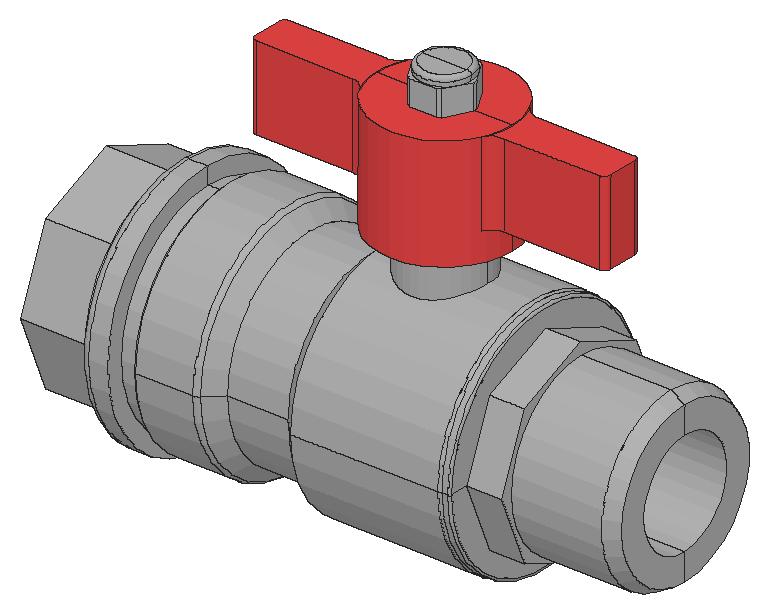
Revit family "QD39550000", category Apparecchi idraulici, Revit 2016
Family settings
  Tipo di parte = Normale
  Quota connettore circolare = Usa diametro
  Numero OmniClass = 23.45.00.00
  Titolo OmniClass = Sanitary, Laundry, and Cleaning Equipment
  Basato su piano di lavoro = No
  Sempre verticale = Sì
  Taglio con vuoti quando caricato = No
  Condiviso = No
  Punto di calcolo locali = No
Parameters
  URL = "https://web.cimberio.it/index.php/figura/455?subcategoria_id=43550"
  Produttore = "CIMBERIO SPA"
  Modello = "Cim 382"
  DN Model [instance] = QD39553183 : QD39553183
  DN [instance] = 25 mm
Reference planes
  plane 1 "Centro (Fronte/Retro)": y = 0
  plane 2: z = 0
  plane 3 "Centro (Sinistra/Destra)": x = 0
Dimensions and locks
  aligned and locked: level to plane 2
Nested families
  nested 1: "QD39553183" at (0, 0, 0), type <- "DN Model", type "QD39553183"
    with DN 10 mm
  nested 2: "QD39553183" at (0, 0, 0), type <- "DN Model", type "QD39553183"
    with DN 10 mm
  nested 3: "QD39553183" at (0, 0, 0), type <- "DN Model", type "QD39553183"
    with DN 10 mm
  nested 4: "QD39553183" at (0, 0, 0), type <- "DN Model", type "QD39553183"
    with DN 10 mm
  nested 5: "QD39553183" at (0, 0, 0), type <- "DN Model", type "QD39553183"
    with DN 10 mm
  nested 6: "QD39553183" at (0, 0, 0), type <- "DN Model", type "QD39553183"
    with DN 10 mm
  nested 7: "QD39553183" at (0, 0, 0), type <- "DN Model", type "QD39553183"
    with DN 10 mm
  nested 8: "QD39553183" at (0, 0, 0), type <- "DN Model", type "QD39553183"
    with DN 10 mm
  nested 9: "QD39553183" at (0, 0, 0), type <- "DN Model", type "QD39553183"
    with DN 10 mm
Connectors
  piping at (57.35, 0, 0), diameter 25, driven by "DN"
    settings: on nested 1, index 1, connector inside diameter 609.6 mm, connector length 0 mm, flow factor 0, pipe flow 0.0 L/s, pressure drop 0.0 Pa, fitting loss kfactor 0, connector angle 0.00°, fixture units 0, engagement length 0 mm, angle of deflection 0.00°, flow configuration 0, flow direction 0, fitting loss method 0, system type 7, joint type 0, gender type 0, connector reference index -1, connector utility 0, adjustable connector no, is connector primary yes, connector description ""
  piping at (-80.817, 0, 0), diameter 25, driven by "DN"
    settings: on nested 1, index 2, connector inside diameter 609.6 mm, connector length 0 mm, flow factor 0, pipe flow 0.0 L/s, pressure drop 0.0 Pa, fitting loss kfactor 0, connector angle 0.00°, fixture units 0, engagement length 0 mm, angle of deflection 0.00°, flow configuration 0, flow direction 0, fitting loss method 0, system type 7, joint type 0, gender type 0, connector reference index -1, connector utility 0, adjustable connector no, is connector primary no, connector description ""
Definition of nested family "QD39553183"
  Parameters (values of type "QD39553183")
    DN [instance] = 10 mm  # constant formula
  Reference planes
    plane 1 "Centro (Fronte/Retro)": y = 0
    plane 2: z = 0
    plane 3 "Centro (Sinistra/Destra)": x = 0
  Forms (mm)
    Revolve 1, solid
      sketch origin (0, 0, 0) x (1, 0, 0) y (0, 1, 0)
        loop
          line (23.85, 12.5) -> (23.85, 27.751)
          arc (23.85, 27.751) -> (23.703, 28.104) -> (23.35, 28.25) r 0.5
          line (23.35, 28.25) -> (21.749, 28.25) -> (20.98, 28.5) -> (-14, 28.5) -> (-18.013, 24.487) -> (-32.487, 24.487) -> (-35.914, 27.914)
          arc (-35.914, 27.914) -> (-36.563, 28.348) -> (-37.328, 28.5) r 2
          line (-37.328, 28.5) -> (-51.033, 28.5) -> (-51.65, 28) -> (-51.65, 12.5) -> (23.85, 12.5)
        axis (-51.65, 0) -> (23.85, 0)
      angle from 0 to 360
    Revolve 2, solid
      sketch origin (0, 0, 13.625) x (1, 0, 0) y (0, 0, 1)
        loop
          line (0.063, 27.3) -> (0.063, 11.623) -> (10.25, 11.623) -> (10.25, 20.942)
          arc (10.25, 20.942) -> (10.75, 20.942) -> (11, 21.375) r 0.5
          line (11, 21.375) -> (11, 27.3) -> (0.063, 27.3)
        axis (0.063, 11.623) -> (0.063, 27.3)
      angle from 0 to 360
    Extrusion 3, solid
      sketch origin (0, 0, 13.625) x (1, 0, 0) y (0, 0, 1)
        loop
          line (-16, 28.8) -> (-16, 24.5) -> (-13.25, 21.75) -> (-13.25, 10.345) -> (-7.86, 10.345) -> (-7.86, 28.8) -> (-16, 28.8)
      from -1.5 to 1.5
    Revolve 4, solid
      sketch origin (0, 0, 8) x (1, 0, 0) y (0, 0, 1)
        loop
          line (0, 30.531) -> (-6.985, 30.531) -> (-6.985, 27.3) -> (0, 27.3) -> (0, 30.531)
        axis (0, 30.531) -> (0, 27.3)
      angle from 0 to 360
    Revolve 5, solid
      sketch origin (0, 0, 13.625) x (1, 0, 0) y (0, 0, 1)
        loop
          line (0, 50.675) -> (-16.25, 50.675) -> (-16.25, 23.675) -> (-7.25, 23.675) -> (-7.25, 38.318) -> (0, 38.318) -> (0, 50.675)
        axis (0, 50.675) -> (0, 23.675)
      angle from 0 to 360
    Revolve 6, solid
      sketch origin (0, 0, 0) x (1, 0, 0) y (0, 0, 1)
        loop
          line (-56.617, 26) -> (-56.617, 12.5) -> (-51.65, 12.5) -> (-51.65, 26) -> (-56.617, 26)
        axis (-56.617, 0) -> (-51.65, 0)
      angle from 0 to 360
    Revolve 7, solid
      sketch origin (0, 0, 0) x (1, 0, 0) y (0, 0, 1)
        loop
          line (-56.617, 12.5) -> (-56.617, 30) -> (-61.083, 30)
          arc (-61.083, 30) -> (-62.309, 29.578) -> (-63.015, 28.491) r 1.991
          line (-63.015, 28.491) -> (-63.359, 27.215)
          arc (-63.359, 27.215) -> (-64.075, 26.151) -> (-65.291, 25.744) r 1.99
          line (-65.291, 25.744) -> (-65.291, 12.5) -> (-56.617, 12.5)
        axis (-65.291, 0) -> (-56.617, 0)
      angle from 0 to 360
    Extrusion 8, solid
      sketch origin (-11, 0, 0) x (0, 0, 1) y (0, 1, 0)
        loop
          circle (0, 0) r 12.5
        loop
          line (25.75, 0) -> (18.208, 18.208) -> (0, 25.75) -> (-18.208, 18.208) -> (-25.75, 0) -> (-18.208, -18.208) -> (0, -25.75) -> (18.208, -18.208) -> (25.75, 0)
      from 54.291 to 69.817
    Extrusion 9, solid
      sketch origin (0, 0, 0) x (0, 1, 0) y (0, 0, 1)
        loop
          circle (0, 0) r 12.5
        loop
          line (0, 23.5) -> (-16.617, 16.617) -> (-23.5, 0) -> (-16.617, -16.617) -> (0, -23.5) -> (16.617, -16.617) -> (23.5, 0) -> (16.617, 16.617) -> (0, 23.5)
      from 23.85 to 32.35
    Revolve 10, solid
      sketch origin (0, 0, 0) x (1, 0, 0) y (0, 0, 1)
        loop
          line (6.25, 70.3) -> (6.25, 71.3)
          arc (6.25, 71.3) -> (5.957, 72.007) -> (5.25, 72.3) r 1
          line (5.25, 72.3) -> (0, 72.3) -> (0, 70.3) -> (6.25, 70.3)
        axis (0, 72.3) -> (0, 70.3)
      angle from 0 to 360
    Extrusion 11, solid
      sketch origin (0, 0, 28.55) x (1, 0, 0) y (0, 1, 0)
        loop
          arc (-3.211, 6.5) -> (-3.625, 6.279) -> (-4.024, 6.031) r 7.25
          line (-4.024, 6.031) -> (-7.235, 0.469)
          arc (-7.235, 0.469) -> (-7.25, 0) -> (-7.235, -0.469) r 7.25
          line (-7.235, -0.469) -> (-4.024, -6.031)
          arc (-4.024, -6.031) -> (-3.625, -6.279) -> (-3.211, -6.5) r 7.25
          line (-3.211, -6.5) -> (3.211, -6.5)
          arc (3.211, -6.5) -> (3.625, -6.279) -> (4.024, -6.031) r 7.25
          line (4.024, -6.031) -> (7.235, -0.469)
          arc (7.235, -0.469) -> (7.25, 0) -> (7.235, 0.469) r 7.25
          line (7.235, 0.469) -> (4.024, 6.031)
          arc (4.024, 6.031) -> (3.625, 6.279) -> (3.211, 6.5) r 7.25
          line (3.211, 6.5) -> (-3.211, 6.5)
      from 35.75 to 41.75
    Revolve 12, solid
      sketch origin (0, 0, 0) x (1, 0, 0) y (0, 0, 1)
        loop
          line (32.35, 20.806) -> (32.35, 12.5) -> (57.35, 12.5) -> (57.35, 18.959) -> (53.944, 20.806) -> (32.35, 20.806)
        axis (57.35, 0) -> (32.35, 0)
      angle from 0 to 360
    Extrusion 13, solid
      sketch origin (0, 0, 28.55) x (1, 0, 0) y (0, 1, 0)
        loop
          arc (-41, 5) -> (-42.061, 4.561) -> (-42.5, 3.5) r 1.5
          line (-42.5, 3.5) -> (-42.5, -3.5)
          arc (-42.5, -3.5) -> (-42.061, -4.561) -> (-41, -5) r 1.5
          line (-41, -5) -> (-18.14, -5)
          arc (-18.14, -5) -> (-16.032, -5.601) -> (-14.557, -7.222) r 4
          arc (-14.557, -7.222) -> (-15.821, -3.709) -> (-16.25, 0) r 16.25
          arc (-16.25, 0) -> (-15.821, 3.709) -> (-14.557, 7.222) r 16.25
          arc (-14.557, 7.222) -> (-16.032, 5.601) -> (-18.14, 5) r 4
          line (-18.14, 5) -> (-41, 5)
        loop
          line (41, 5) -> (18.14, 5)
          arc (18.14, 5) -> (16.032, 5.601) -> (14.557, 7.222) r 4
          arc (14.557, 7.222) -> (15.821, 3.709) -> (16.25, 0) r 16.25
          arc (16.25, 0) -> (15.821, -3.709) -> (14.557, -7.222) r 16.25
          arc (14.557, -7.222) -> (16.032, -5.601) -> (18.14, -5) r 4
          line (18.14, -5) -> (41, -5)
          arc (41, -5) -> (42.061, -4.561) -> (42.5, -3.5) r 1.5
          line (42.5, -3.5) -> (42.5, 3.5)
          arc (42.5, 3.5) -> (42.061, 4.561) -> (41, 5) r 1.5
      from 15.756 to 35.75
  Dimensions and locks
    aligned and locked: level to plane 2
